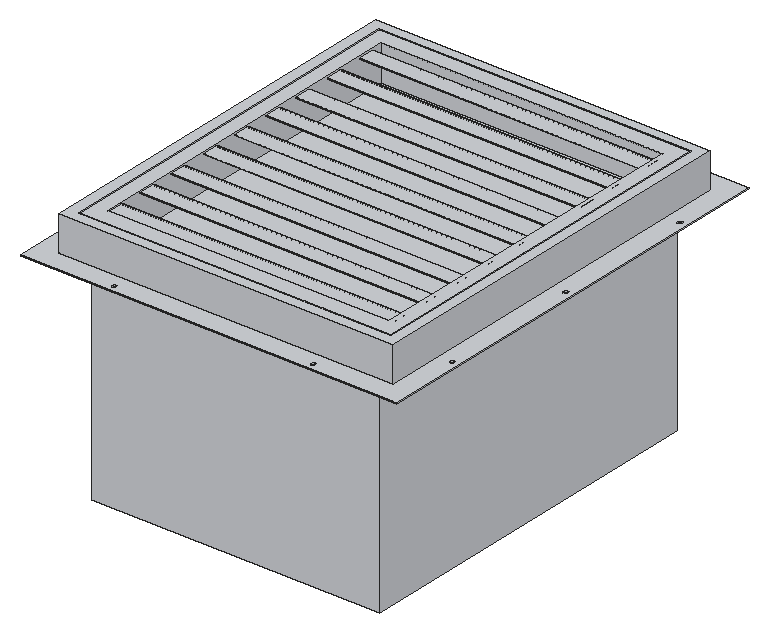
Revit family "PVHFL58-300", category Generic Models, host Face, Revit 2019
Family settings
  Host = Face
  Can host rebar = No
  Round Connector Dimension = Use Diameter
  Part Type = Normal
  Cut with Voids When Loaded = No
  Shared = No
  Room Calculation Point = No
Parameters
  Default Elevation = 48.00"
Reference planes (in)
  plane 1 "Center (Front/Back)": y = 0
  plane 2: z = 0
  plane 3 "Center (Left/Right)": x = 0
Forms (in)
  Extrusion 1, solid
    sketch origin (0, 0, 0) x (1, 0, 0) y (0, 1, 0)
      loop
        line (10.589, 12.339) -> (-10.589, 12.339) -> (-10.589, -12.339) -> (10.589, -12.339) -> (10.589, 12.339)
      loop
        line (-9.375, 11.125) -> (-9.375, -11.125) -> (9.375, -11.125) -> (9.375, 11.125) -> (-9.375, 11.125)
      loop
        circle (-10.214, -8) r 0.125
      loop
        circle (-5.589, -11.964) r 0.125
      loop
        circle (5.589, -11.964) r 0.125
      loop
        circle (10.214, -8) r 0.125
      loop
        circle (10.214, 0) r 0.125
      loop
        circle (10.214, 8) r 0.125
      loop
        circle (5.589, 11.964) r 0.125
      loop
        circle (-5.589, 11.964) r 0.125
      loop
        circle (-10.214, 8) r 0.125
      loop
        circle (-10.214, 0) r 0.125
    from 0 to 0.04
  Extrusion 2, solid
    sketch origin (0, 0, 0) x (1, 0, 0) y (0, 1, 0)
      loop
        line (-9.375, 11.125) -> (-9.375, -11.125) -> (9.375, -11.125) -> (9.375, 11.125) -> (-9.375, 11.125)
      loop
        line (-8.75, 10.567) -> (-8.75, -10.5) -> (8.75, -10.5) -> (8.75, 10.567) -> (-8.75, 10.567)
    from 0 to 2
  Extrusion 3, solid
    sketch origin (0, 0, 0) x (1, 0, 0) y (0, 1, 0)
      loop
        line (-8.094, 10.469) -> (-8.094, -10.41205) -> (8.094, -10.41205) -> (8.094, 10.469) -> (-8.094, 10.469)
    from 0 to -12.25
  Extrusion 4, solid
    sketch origin (0, 0, 0) x (1, 0, 0) y (0, 1, 0)
      loop
        circle (0, 2) r 2.5
    from -13.62 to -14.62
  Extrusion 5, solid
    sketch origin (0, 0, 0) x (1, 0, 0) y (0, 1, 0)
      loop
        circle (0, 2) r 4
    from -12.23 to -13.62
  Extrusion 6, solid
    sketch origin (0, 0, 0) x (1, 0, 0) y (0, 1, 0)
      loop
        line (-7.899, 9.654) -> (-7.899, -9.55297) -> (7.904, -9.55297) -> (7.904, 9.654) -> (-7.899, 9.654)
      loop
        line (-8.75, 10.567) -> (-8.75, -10.5) -> (8.75, -10.5) -> (8.75, 10.567) -> (-8.75, 10.567)
    from 0 to 2
  Extrusion 7, solid
    sketch origin (-0.07948, -0.9726, 1.87742) x (0, -1, 0) y (0, 0, 1)
      loop
        line (-10.548, -0.48569) -> (-10.548, -0.82069) -> (-10.508, -0.82069) -> (-10.508, -0.50225) -> (-9.96575, 0.04) -> (-9.03895, 0.04) -> (-9.03895, 0.08) -> (-9.98231, 0.08) -> (-10.548, -0.48569)
    from -8.17348 to 7.81952
  Extrusion 8, solid
    sketch origin (-0.07948, -3.23392, 1.87742) x (0, -1, 0) y (0, 0, 1)
      loop
        line (-10.548, -0.48569) -> (-10.548, -0.82069) -> (-10.508, -0.82069) -> (-10.508, -0.50225) -> (-9.96575, 0.04) -> (-9.03895, 0.04) -> (-9.03895, 0.08) -> (-9.98231, 0.08) -> (-10.548, -0.48569)
    from -8.17348 to 7.81952
  Extrusion 9, solid
    sketch origin (-0.07948, -5.42792, 1.87742) x (0, -1, 0) y (0, 0, 1)
      loop
        line (-10.548, -0.48569) -> (-10.548, -0.82069) -> (-10.508, -0.82069) -> (-10.508, -0.50225) -> (-9.96575, 0.04) -> (-9.03895, 0.04) -> (-9.03895, 0.08) -> (-9.98231, 0.08) -> (-10.548, -0.48569)
    from -8.17348 to 7.81952
  Extrusion 10, solid
    sketch origin (-0.07948, -7.5546, 1.87742) x (0, -1, 0) y (0, 0, 1)
      loop
        line (-10.548, -0.48569) -> (-10.548, -0.82069) -> (-10.508, -0.82069) -> (-10.508, -0.50225) -> (-9.96575, 0.04) -> (-9.03895, 0.04) -> (-9.03895, 0.08) -> (-9.98231, 0.08) -> (-10.548, -0.48569)
    from -8.17348 to 7.81952
  Extrusion 11, solid
    sketch origin (-0.07948, -9.7486, 1.87742) x (0, -1, 0) y (0, 0, 1)
      loop
        line (-10.548, -0.48569) -> (-10.548, -0.82069) -> (-10.508, -0.82069) -> (-10.508, -0.50225) -> (-9.96575, 0.04) -> (-9.03895, 0.04) -> (-9.03895, 0.08) -> (-9.98231, 0.08) -> (-10.548, -0.48569)
    from -8.17348 to 7.81952
  Extrusion 12, solid
    sketch origin (-0.07948, -11.9426, 1.87742) x (0, -1, 0) y (0, 0, 1)
      loop
        line (-10.548, -0.48569) -> (-10.548, -0.82069) -> (-10.508, -0.82069) -> (-10.508, -0.50225) -> (-9.96575, 0.04) -> (-9.03895, 0.04) -> (-9.03895, 0.08) -> (-9.98231, 0.08) -> (-10.548, -0.48569)
    from -8.17348 to 7.81952
  Extrusion 13, solid
    sketch origin (-0.07948, -14.20392, 1.87742) x (0, -1, 0) y (0, 0, 1)
      loop
        line (-10.548, -0.48569) -> (-10.548, -0.82069) -> (-10.508, -0.82069) -> (-10.508, -0.50225) -> (-9.96575, 0.04) -> (-9.03895, 0.04) -> (-9.03895, 0.08) -> (-9.98231, 0.08) -> (-10.548, -0.48569)
    from -8.17348 to 7.81952
  Extrusion 14, solid
    sketch origin (-0.07948, -16.39792, 1.87742) x (0, -1, 0) y (0, 0, 1)
      loop
        line (-10.548, -0.48569) -> (-10.548, -0.82069) -> (-10.508, -0.82069) -> (-10.508, -0.50225) -> (-9.96575, 0.04) -> (-9.03895, 0.04) -> (-9.03895, 0.08) -> (-9.98231, 0.08) -> (-10.548, -0.48569)
    from -8.17348 to 7.81952
  Extrusion 15, solid
    sketch origin (-0.07948, -18.59192, 1.87742) x (0, -1, 0) y (0, 0, 1)
      loop
        line (-10.548, -0.48569) -> (-10.548, -0.82069) -> (-10.508, -0.82069) -> (-10.508, -0.50225) -> (-9.96575, 0.04) -> (-9.03895, 0.04) -> (-9.03895, 0.08) -> (-9.98231, 0.08) -> (-10.548, -0.48569)
    from -8.17348 to 7.81952
Lines and regions (in)
  symbolic lines
    curve 1: line (95.99374, 156.28449, 0) -> (97.99374, 156.28449, 0)
Dimensions and locks (in)
  aligned and locked: plane 2 to host face
  aligned and locked: level to host face
Connectors (in)
  hvac at (0, 2, -14.62)
    settings: on Extrusion 4, index 1, duct flow 0 CFM, flow factor 0, pres drop 0.00 in-wg, loss coef 0, conn angle 0.00°, conn width 12", conn height 12", conn diameter 5", duct sys type 1, conn prof type 0, flow config 0, flow direction 0, loss method 0, conn ref index -1, conn util no, is conn primary yes, conn desc ""
  hvac at (0, 2, -13.62)
    settings: on Extrusion 5, index 2, duct flow 0 CFM, flow factor 0, pres drop 0.00 in-wg, loss coef 0, conn angle 0.00°, conn width 12", conn height 12", conn diameter 8", duct sys type 1, conn prof type 0, flow config 0, flow direction 0, loss method 0, conn ref index -1, conn util no, is conn primary no, conn desc ""
